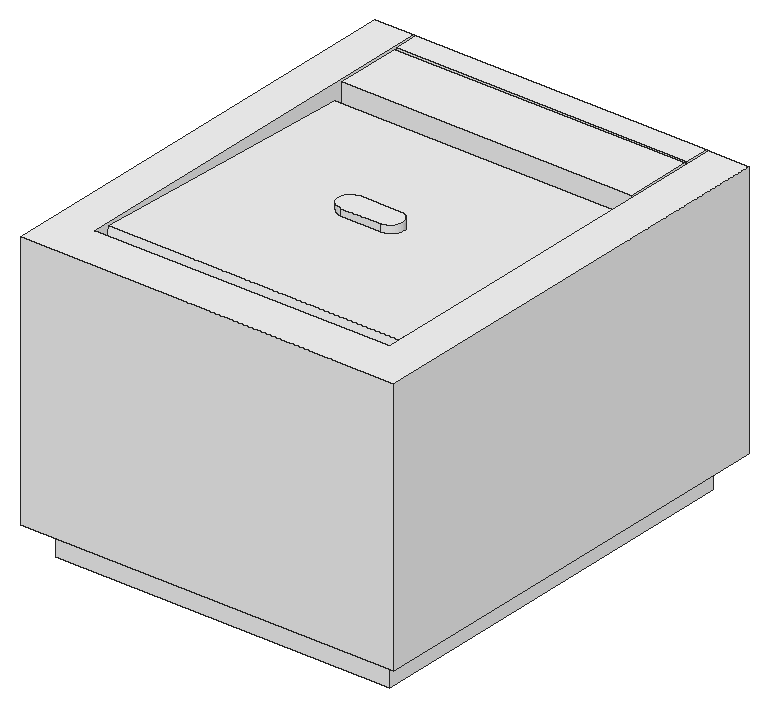
Revit family "Gira_010330", category Electrical Fixtures, host Face, Revit 2017
Family settings
  Host = Face
  Maintain Annotation Orientation = Yes
  Round Connector Dimension = Use Diameter
  Part Type = Normal
  Cut with Voids When Loaded = No
  Shared = No
  Room Calculation Point = No
Parameters (values of type "Rocker sw. CB 3-p WP surface-mounted grey")
  With mounting plate = "No"
  Wiring system = "3-pole switch"
  White [instance] = White
  Washing machine switch = "No"
  URL = "http://katalog.gira.de/en/datenblatt.html?artikelnr=010330"
  Type of fastening = "Screw mounting"
  Surface protection = "Other"
  Suitable for degree of protection (IP) = "IP44"
  Rated current = "16"
  Push button switch = "No"
  Number of rockers = "1"
  Number of modules (module system) = "1"
  Nominal voltage = "250"
  Name = "Rocker sw. CB 3-p WP surface-mounted grey"
  Mounting method = "Surface mounted (plaster)"
  Method of operation = "Rocker/button"
  Material quality = "Other"
  Material = "Other"
  Manufacturer URL = "https://www.gira.de/"
  Manufacturer = "Gira"
  Label space/information surface = "Yes"
  Illumination = "No"
  HeinzeBIM = "https://bimportal.heinze.de/bim/rocker-sw-cb-3-p-wp-surface-mounted-grey/919236aecde0fd08bef9a9620ba09ca809dcb2fd"
  Halogen free = "No"
  HAN = "010330"
  GTIN = "4010337103301"
  Feedback-signal contact = "No"
  Description = "Rock.sw.CB 3-p WP SM GY,Rocker switch 16 A 400 V~,Circuit breaker 3-pole ,grey,Features:,- With screw terminals."
  Default Elevation = 1219.2 mm
  Data sheet (1) = "https://katalog.gira.de/en/download.html?artikelnr=010330"
  Connection type = "Plug clamp"
  Colour = "Grey"
  Category = "Switch"
  BIM (1) = "https://media.stage.bim.site/public/gira/36a6b08/IP44_Komplettgerät_Schalten und Tasten.rfa?public/gira/36a6b08/IP44_Komplettgerät_Schalten und Tasten.rfa"
  Available = "No"
  Assembly arrangement = "Basic element with complete housing"
Reference planes
  plane 1 "Center (Front/Back)": y = 0
  plane 2: z = 0
  plane 3 "Center (Left/Right)": x = 0
  plane 4: x = 30
  plane 5: x = -30
  plane 6: z = 41.4
Forms (mm)
  Extrusion 1, solid, material "White" <- "White", detail levels medium+fine
    sketch origin (0, 0, 0) x (1, 0, 0) y (0, 1, 0)
      loop
        line (-34, 41) -> (-34, -41) -> (34, -41) -> (34, 41) -> (-34, 41)
    from 0 to -6.2
  Extrusion 2, solid, material "White" <- "White", detail levels medium+fine
    sketch origin (0, 0, 0) x (1, 0, 0) y (0, 1, 0)
      loop
        line (-38, 45) -> (-38, -45) -> (38, -45) -> (38, 45) -> (-38, 45)
    from 0 to 52.4
  Extrusion 3, void
    sketch origin (0, 0, 0) x (1, 0, 0) y (0, 0, 1)
      loop
        line (-30, 59.413) -> (-30, 41.4) -> (30, 41.4) -> (30, 59.413) -> (-30, 59.413)
    from 36 to -113.06
  Extrusion 4, solid, material "White" <- "White", detail levels medium
    sketch origin (225, 0, 0) x (1, 0, 0) y (0, 1, 0)
      loop
        line (-254.5, 44.5) -> (-254.5, -35.5) -> (-195.5, -35.5) -> (-195.5, 44.5) -> (-254.5, 44.5)
    from 41.4 to 52.4
  Extrusion 5, solid, material "White" <- "White", detail levels fine
    sketch origin (0, 0, 0) x (1, 0, 0) y (0, 1, 0)
      loop
        line (-29.5, 45) -> (-29.5, 40) -> (29.5, 40) -> (29.5, 45) -> (-29.5, 45)
    from 41.4 to 52.4
  Extrusion 6, solid, material "White" <- "White", detail levels fine
    sketch origin (0, 0, 0) x (1, 0, 0) y (0, 1, 0)
      loop
        line (29.5, 39.5) -> (-29.5, 39.5) -> (-29.5, 26) -> (29.5, 26) -> (29.5, 39.5)
    from 41.4 to 52.4
  Extrusion 7, solid, material "White" <- "White", detail levels fine
    sketch origin (0, 0, 0) x (1, 0, 0) y (0, 1, 0)
      loop
        arc (-4, -1) -> (-6.5, -3.5) -> (-4, -6) r 2.5
        line (-4, -6) -> (4, -6)
        arc (4, -6) -> (6.5, -3.5) -> (4, -1) r 2.5
        line (4, -1) -> (-4, -1)
    from 41.4 to 52.4
  Extrusion 8, solid, material "White" <- "White", detail levels coarse
    sketch origin (0, 0, 0) x (1, 0, 0) y (0, 1, 0)
      loop
        line (-38, 46) -> (-38, -45) -> (38, -45) -> (38, 46) -> (-38, 46)
    from -6.2 to 52.4
  Extrusion 9, solid, material "White" <- "White", detail levels medium+fine
    sketch origin (0, 0, 0) x (1, 0, 0) y (0, 0, 1)
      loop
        circle (0, 14) r 3.6
    from -46 to -45
  Extrusion 10, solid, material "White" <- "White", detail levels fine
    sketch origin (0, 0, 0) x (0, 1, 0) y (0, 0, 1)
      loop
        line (-36, 41.4) -> (26, 41.4) -> (24.38, 49.736) -> (-33.115, 52.169) -> (-36, 41.4)
    from -29.5 to 29.5
Cuts and joins
  Extrusion 3 cuts Extrusion 2
Dimensions and locks
  aligned and locked: plane 2 to host face
  aligned and locked: level to host face
  aligned and locked: plane 3 "Center (Left/Right)" to nested 1
  aligned and locked: plane 1 "Center (Front/Back)" to nested 1
Nested families
  nested 1: "Schalter" at (0, 0, 0), type "Schalter"
Connectors
  electrical at (0, 0, -6.2)
    settings: on Extrusion 1, index 1, voltage 224 V, apparent load 0 VA, apparent load phase1 0 VA, apparent load phase2 0 VA, apparent load phase3 0 VA, power factor 1, load classification "Other", number of poles 1, system type 30, power factor state 1, is connector primary yes, connector utility no, sub classification motor no, connector description ""
Definition of nested family "Schalter"
  Reference planes
    plane 1: y = 0
    plane 2: x = 0
  Lines and regions (mm)
    detail lines
      curve 1: circle (1.375, 2.778, 0) r 0.8 normal (0, 0, 1)
      curve 2: line (1.021, 2.061, 0) -> (0, 0, 0)
      curve 3: line (0, 0, 0) -> (-0.538, 0.266, 0)
  Dimensions and locks
    curve 2 to curve 2 = 2.3 mm
    curve 3 to curve 2 = 0.6 mm
    radius of curve 1 = 0.8 mm
